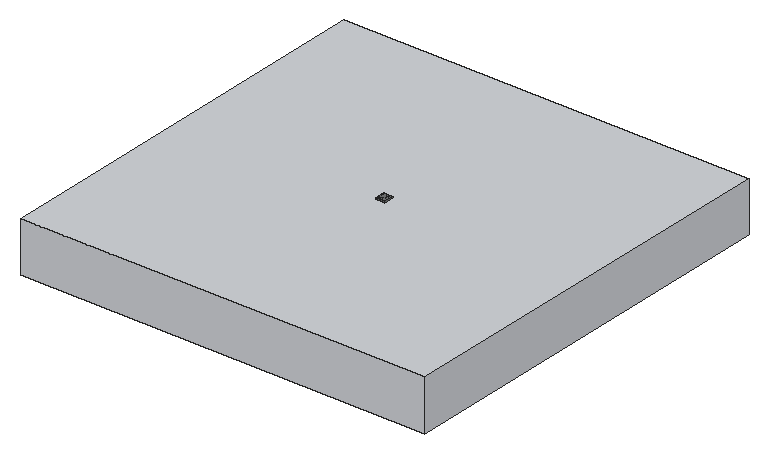
Revit family "Gira_5333100", category Elektroinstallationen, Revit 2017
Family settings
  Basisbauteil = Fläche
  Beschriftungsausrichtung beibehalten = Nein
  Bemaßung runder Anschluss = Durchmesser verwenden
  Teiletyp = Normal
  Beim Laden mit Abzugskörper schneiden = Nein
  Gemeinsam genutzt = Nein
  Raumberechnungspunkt = Nein
Parameters
  Werkstoffgüte = "sonstige"
  Werkstoff = "sonstige"
  URL = "https://www.gira.de/"
  Typname = "Funk Dimmaktor 1f Mini 20 - 250 VA Gira eNet"
  Transparent = no
  RAL-Nummer (ähnlich) = 9010
  Produktseite = "http://katalog.gira.de/de_DE/datenblatt.html?artikelnr=5333100"
  Oberfläche = "sonstige"
  Montageart = "Aufputz"
  Mit Busankopplung = no
  Hersteller = "Gira"
  HAN = "5333100"
  GTIN = "4010337116547"
  Farbe = "weiß"
  Datenblatt = "https://katalog.gira.de/de_DE/download.html?artikelnr=5333100"
  Bussystem LON = no
  Bussystem KNX-Funk = no
  Bussystem KNX = no
  Bussystem Funkbus = yes
  Beschreibung = "eNet Funk Wandsender 3fach System 55, Wippen mit Beschriftungsfeld Klar   Reinweiß glänzend Merkmale: - Die eNet Funksender übertragen Schalt-, Dimm-, und Jalousiefahrbefehle an entsprechende eNet Funkempfänger. - Problemlose Erweiterung vorhandener Schalterkombinationen. - Die Montage kann ohne Aufputz-Gehäuse oder Gerätedose erfolgen. - Auf Wänden kann der Funk Wandsender mittels Schrauben befestigt bzw. auf glatten oder transparenten Oberflächen mit einer Montageplatte aufgeklebt werden. - Übertragung von Schalt-, Dimm-, Jalousiefahr- und Szenenbefehlen. - Umschaltfunktion, optimiert für die Ansteuerung von Tastaktoren. - Wippe als Kanal- oder Szenenfunktion einstellbar. - 2-farbige LED rechts und links der Tasten zur Signalisierung. - Batteriebetriebenes Gerät. Mit eNet Server einstellbar:: - Vollverschlüsselte Funkübertragung (AES-CCM) ab eNet Server Software Version 2.0. - Signalisierung des Übertragungsstatus abschaltbar. - Bediensperren. - Szenen Alles-Ein bzw. Alles-Aus, Schwellwertszenen und individuelle Szenen konfigurierbar. - Konfiguration von Szenentaste über eNet SMART HOME app (Wenn-Dann-Regeln) zum Auslösen von Aktionen, Szenen, Zeitschaltuhren. - Update der Gerätesoftware. - Lokalisierung des Geräts.  Hinweise : - Batterien sind Verbrauchsgüter und müssen regelmäßig ersetzt werden. Bitte beachten Sie die Vorschriften zur Entsorgung von gebrauchten Batterien. - Der Funk Wandsender wird mit einer programmneutralen Inbetriebnahme-Wippe geliefert. Das passende Wippenset zum Schalterprogramm ist separat zu bestellen. - Bei Verwendung von Wippensets aus Metall und oder Abdeckrahmen aus Metall kann es zu Reichweiteneinbußen kommen."
  Bauelement = "Sys55_Abdeckung_Schalten und Tasten"
  Default Elevation = 1219.2 mm
  BIM = "https://media.stage.bim.site/public/gira/876eb45/Sys55_Abdeckung_Schalten%20und%20Tasten.rfa?public/gira/876eb45/Sys55_Abdeckung_Schalten und Tasten.rfa"
  Ausführung der Oberfläche = "glänzend"
  Ausführung = "Wandsender komplett"
  Anzahl der Kanäle = 3
  Anthrazit [instance] = Anthrazit
  Andere Bussysteme = "ohne"
Reference planes
  plane 1 "Center (Front/Back)": y = 0
  plane 2: z = 0
  plane 3 "Center (Left/Right)": x = 0
Forms (mm)
  Extrusion 1, solid
    sketch origin (0, 0, 0) x (1, 0, 0) y (0, 1, 0)
      loop
        line (-1219.2, 1219.2) -> (-1219.2, -1219.2) -> (1219.2, -1219.2) -> (1219.2, 1219.2) -> (-1219.2, 1219.2)
    from 0 to -304.8
  Extrusion 2, solid, material "Anthrazit" <- "Anthrazit", detail levels fine
    sketch origin (0, 0, 0) x (1, 0, 0) y (0, 1, 0)
      loop
        line (-27.5, 27.5) -> (-27.5, -27.5) -> (27.5, -27.5) -> (27.5, 27.5) -> (-27.5, 27.5)
    from 0 to 8
  Extrusion 3, void
    sketch origin (0, 0, 0) x (1, 0, 0) y (0, 1, 0)
      loop
        line (26, 26) -> (-26, 26) -> (-26, -26) -> (26, -26) -> (26, 26)
    from 0 to 6
  Extrusion 4, solid, material "Anthrazit" <- "Anthrazit", detail levels medium
    sketch origin (0, 0, 0) x (1, 0, 0) y (0, 1, 0)
      loop
        line (-27.5, 27.5) -> (-27.5, -27.5) -> (27.5, -27.5) -> (27.5, 27.5) -> (-27.5, 27.5)
    from 0 to 8
  Extrusion 5, solid, material "Anthrazit" <- "Anthrazit", detail levels medium
    sketch origin (0, 0, 0) x (1, 0, 0) y (0, 1, 0)
      loop
        line (11, -17.5) -> (11, 17.5) -> (-11, 17.5) -> (-11, -17.5) -> (11, -17.5)
    from -6 to 6
  Extrusion 6, solid, material "Anthrazit" <- "Anthrazit", detail levels fine
    sketch origin (0, 0, 0) x (1, 0, 0) y (0, 1, 0)
      loop
        line (11, 17.5) -> (-11, 17.5) -> (-11, 16.5) -> (11, 16.5) -> (11, 17.5)
      loop
        line (-11, -16.5) -> (-11, -17.5) -> (11, -17.5) -> (11, -16.5) -> (-11, -16.5)
    from -4 to 6
  Extrusion 7, solid, material "Anthrazit" <- "Anthrazit", detail levels fine
    sketch origin (0, 0, 0) x (1, 0, 0) y (0, 1, 0)
      loop
        arc (5, 9.347) -> (0, 10.6) -> (-5, 9.347) r 10.6
        line (-5, 9.347) -> (-5, -9.347)
        arc (-5, -9.347) -> (0, -10.6) -> (5, -9.347) r 10.6
        line (5, -9.347) -> (5, 9.347)
    from -6 to 6
  Extrusion 8, solid, material "Anthrazit" <- "Anthrazit", detail levels coarse
    sketch origin (0, 0, 0) x (1, 0, 0) y (0, 1, 0)
      loop
        line (-27.5, 27.5) -> (-27.5, -27.5) -> (27.5, -27.5) -> (27.5, 27.5) -> (-27.5, 27.5)
    from -6 to 8
Cuts and joins
  Extrusion 3 cuts Extrusion 2
Dimensions and locks
  aligned and locked: plane 2 to Extrusion 1
  aligned and locked: level to Extrusion 1
